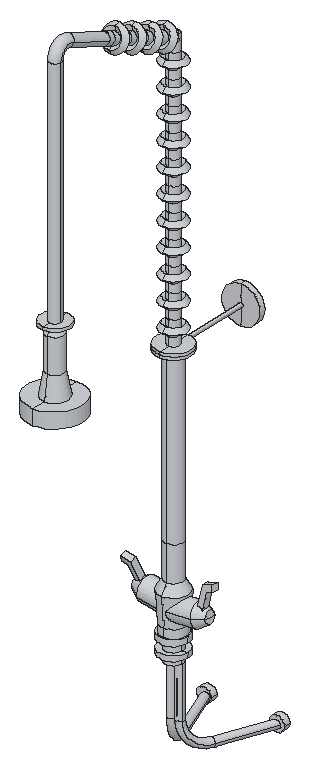
Revit family "FHS041", category Modelos genéricos, Revit 2014
Parameters
  Modelo = "FHS041"  # constant formula
  Fabricante = "Enware"  # constant formula
  Author = "Yepsketch"  # constant formula
Reference planes
  plane 1 "Centro (Frontal/Posterior)": y = 0
  plane 2: z = 0
  plane 3 "Centro (Izquierda/Derecha)": x = 0
  plane 4: y = -155
  plane 5: y = -410
  plane 6: y = -155
Forms (mm)
  Revolve 1, solid
    sketch origin (0, 0, 0) x (0, 1, 0) y (0, 0, 1)
      loop
        line (-155, 0) -> (-155, -4.258) -> (-125, -4.258) -> (-125, 0) -> (-125, 5) -> (-155, 5) -> (-155, 0)
      axis (-155, 5) -> (-155, -4.258)
    angle from 0 to 360
  Revolve 2, solid
    sketch origin (0, 0, 0) x (0, 1, 0) y (0, 0, 1)
      loop
        line (0, 0) -> (0, 32.5) -> (-10, 32.5) -> (-10, 3.156) -> (-125, 3.156) -> (-125, 0) -> (0, 0)
      axis (0, 0) -> (-125, 0)
    angle from 0 to 360
  Revolve 3, solid
    sketch origin (0, 0, 15) x (0, 1, 0) y (0, 0, 1)
      loop
        line (-139.749, -311.946) -> (-139.749, -20) -> (-155, -20) -> (-155, -453.337) -> (-133.237, -453.337) -> (-133.237, -439.145) -> (-129.749, -389.267) -> (-139.749, -371.946) -> (-139.749, -311.946)
      axis (-155, -20) -> (-155, -453.337)
    angle from 0 to 360
  Sweep 4, solid
    path origin (0, 0, 0) x (0, 1, 0) y (0, 0, 1)
      loop
        line (-410, 152.5) -> (-410, 552.887)
        arc (-410, 552.887) -> (-401.194, 569.461) -> (-382.53, 571.439) r 20
        line (-382.53, 571.439) -> (-304.621, 540.069)
    profile origin (0, -410, 352.693) x (0, -1, 0) y (1, 0, 0)
      loop
        circle (0, 0) r 10
  Revolve 5, solid
    sketch origin (0, 0, 0) x (0, 1, 0) y (0, 0, 1)
      loop
        line (-155, 5) -> (-145, 5) -> (-145, 20) -> (-132.713, 28.604) -> (-138.448, 36.795) -> (-145, 32.208) -> (-145, 46.152) -> (-145, 61.152) -> (-132.713, 69.755) -> (-138.448, 77.947) -> (-145, 73.359) -> (-145, 87.303) -> (-145, 102.303) -> (-132.713, 110.907) -> (-138.448, 119.099) -> (-145, 114.511) -> (-145, 128.455) -> (-145, 143.455) -> (-132.713, 152.059) -> (-138.448, 160.25) -> (-145, 155.663) -> (-145, 169.607) -> (-145, 184.607) -> (-132.713, 193.21) -> (-138.448, 201.402) -> (-145, 196.815) -> (-145, 210.759) -> (-145, 225.759) -> (-132.713, 234.362) -> (-138.448, 242.554) -> (-145, 237.966) -> (-145, 251.91) -> (-145, 266.91) -> (-132.713, 275.514) -> (-138.448, 283.705) -> (-145, 279.118) -> (-145, 293.062) -> (-145, 308.062) -> (-132.713, 316.666) -> (-138.448, 324.857) -> (-145, 320.27) -> (-145, 334.214) -> (-145, 349.214) -> (-132.713, 357.817) -> (-138.448, 366.009) -> (-145, 361.421) -> (-145, 375.365) -> (-145, 390.365) -> (-132.713, 398.969) -> (-138.448, 407.16) -> (-145, 402.573) -> (-145, 416.517) -> (-145, 431.517) -> (-132.713, 440.121) -> (-138.448, 448.312) -> (-145, 443.725) -> (-145, 457.669) -> (-145, 483.305) -> (-155, 483.305) -> (-155, 5)
      axis (-155, 483.305) -> (-155, 5)
    angle from 0 to 360
  Revolve 6, solid
    sketch origin (0, 0, 0) x (0, 1, 0) y (0, 0, 1)
      loop
        line (-155, 476.559) -> (-151.093, 485.764) -> (-164.9, 491.625) -> (-167.505, 506.397) -> (-177.353, 504.66) -> (-175.876, 496.284) -> (-197.118, 505.3) -> (-199.723, 520.072) -> (-209.571, 518.336) -> (-208.094, 509.959) -> (-219.178, 514.664) -> (-232.986, 520.525) -> (-235.59, 535.297) -> (-245.438, 533.561) -> (-243.961, 525.184) -> (-255.046, 529.889) -> (-268.853, 535.75) -> (-271.458, 550.522) -> (-281.306, 548.786) -> (-279.829, 540.409) -> (-290.914, 545.114) -> (-302.007, 549.823) -> (-304.621, 540.069) -> (-155, 476.559)
      axis (-305.914, 540.618) -> (-155, 476.559)
    angle from 0 to 360
  Revolve 7, solid
    sketch origin (0, 0, 12.5) x (0, 1, 0) y (0, 0, 1)
      loop
        line (-410, 140) -> (-410, -1.695) -> (-362.924, -1.695) -> (-362.924, 24.165) -> (-387.924, 24.165) -> (-394.87, 63.557) -> (-394.87, 120.905) -> (-400, 135) -> (-385, 135) -> (-385, 140) -> (-410, 140)
      axis (-410, 140) -> (-410, -1.695)
    angle from 0 to 360
  Revolve 8, solid
    sketch origin (427.143, -284.775, -354.369) x (-0.004939, -0.998393, 0.056456) y (0.996195, 0, 0.087156)
      loop
        line (-126.486, -364.126) -> (-136.486, -364.126) -> (-146.486, -381.446) -> (-146.486, -424.126) -> (-126.486, -424.126) -> (-126.486, -364.126)
      axis (-126.486, -424.126) -> (-126.486, -364.126)
    angle from 0 to 360
  Revolve 9, solid
    sketch origin (-418.126, -36.477, -280.15) x (0.063628, 0.913545, 0.401729) y (-0.987688, 0, 0.156434)
      loop
        line (-126.486, -364.126) -> (-136.486, -364.126) -> (-146.486, -381.446) -> (-146.486, -424.126) -> (-126.486, -424.126) -> (-126.486, -364.126)
      axis (-126.486, -424.126) -> (-126.486, -364.126)
    angle from 0 to 360
  Extrusion 10, solid
    sketch origin (-456.896, -207.486, -519.886) x (-0.14291, 0.406737, -0.902298) y (-0.987688, 0, 0.156434)
      loop
        line (-164.538, -369.243) -> (-193.212, -361.021) -> (-194.948, -351.173) -> (-205.905, -351.173) -> (-202.96, -367.872) -> (-169.316, -377.519) -> (-164.538, -369.243)
    from 124.473 to 136.035
  Extrusion 11, solid
    sketch origin (440.937, -38.86, -521.093) x (0.087016, -0.056671, -0.994594) y (0.996195, 0, 0.087156)
      loop
        line (-164.538, -369.243) -> (-193.212, -361.021) -> (-194.948, -351.173) -> (-205.905, -351.173) -> (-202.96, -367.872) -> (-169.316, -377.519) -> (-164.538, -369.243)
    from 124.473 to 136.035
  Revolve 12, solid
    sketch origin (126.486, -155, 3.75) x (1, 0, 0) y (0, 0, 1)
      loop
        line (-126.486, -442.087) -> (-151.486, -442.087) -> (-151.486, -452.087) -> (-141.486, -452.087) -> (-141.486, -467.087) -> (-151.486, -467.087) -> (-151.486, -475.132) -> (-141.486, -475.132) -> (-141.486, -487.087) -> (-126.486, -487.087) -> (-126.486, -442.087)
      axis (-126.486, -442.087) -> (-126.486, -487.087)
    angle from 0 to 360
  Sweep 13, solid
    path origin (-62.751, -5.391, 0) x (-0.358368, 0.93358, 0) y (0, 0, 1)
      loop
        line (-155, -483.337) -> (-155, -573.337)
        arc (-155, -573.337) -> (-140.355, -608.692) -> (-105, -623.337) r 50
        line (-105, -623.337) -> (0, -623.337)
    profile origin (-7.204, -150.096, -528.337) x (0.93358, 0.358368, 0) y (-0.358368, 0.93358, 0)
      loop
        circle (0, 0) r 7
  Sweep 14, solid
    path origin (62.751, -5.391, 0) x (0.358368, 0.93358, 0) y (0, 0, -1)
      loop
        line (-155, 483.337) -> (-155, 573.337)
        arc (-155, 573.337) -> (-140.355, 608.692) -> (-105, 623.337) r 50
        line (-105, 623.337) -> (0, 623.337)
    profile origin (7.204, -150.096, -528.337) x (-0.93358, 0.358368, 0) y (-0.358368, -0.93358, 0)
      loop
        circle (0, 0) r 7
  Extrusion 15, solid
    sketch origin (0, 0, 0) x (1, 0, 0) y (0, 0, 1)
      loop
        circle (62.963, -622.431) r 12.757
    from 0 to 11.159
  Extrusion 16, solid
    sketch origin (-125.503, 0, 0) x (1, 0, 0) y (0, 0, 1)
      loop
        circle (62.963, -622.431) r 12.757
    from 0 to 11.159
Lines and regions (mm)
  symbolic lines
    curve 1: line (0, -520, 580.805) -> (0, -520, -399.195)
    curve 2: line (0, -425, -399.195) -> (0, -425, 10.805)
Dimensions and locks
  aligned and locked: level to plane 2
